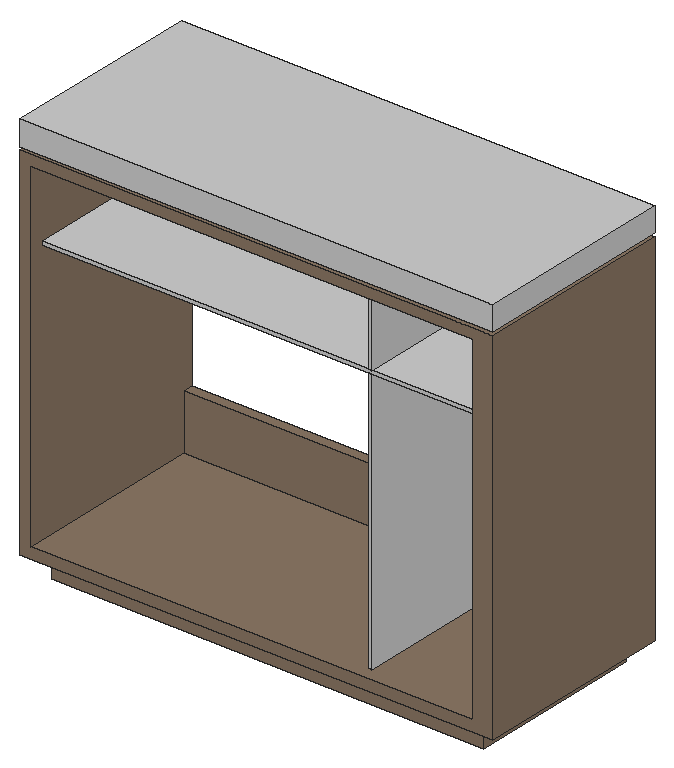
Revit family
Parameters
  URL = "http://www.martinbrattrud.com"
  Table Top [instance] = none
  SCS Certified Product = "Yes"
  Model = "Links 293-34H"
  Manufacturer = "Martin Brattrud, Inc."
  Leg [instance] = none
  Keynote = "125000"
  Foot [instance] = none
  Copyright = "© 2013 Martin Brattrud, Inc."
  Chair [instance] = none
  Authoring Version = "Revit Architecture 2010"
  Assembly Code = "E2020200"
Reference planes (in)
  plane 1 "Center Front/Back": y = 0
  plane 2: z = 0
  plane 3 "Center Left/Right": x = 0
  plane 4: z = 27.50852
  plane 5: z = 0
  plane 6: z = 1.5
  plane 7: x = -17
  plane 8: x = 17
  plane 9: x = -7.25
  plane 10: x = -6.25
  plane 11: x = 6.25
  plane 12: x = -15.5
  plane 13: x = 17
  plane 14: x = 15.5
  plane 15: x = -14.62
  plane 16: x = 14.62
  plane 17: z = 26.75852
  plane 18: z = 2.25
  plane 19: x = -16.25
  plane 20: x = 16.25
  plane 21: y = 7.25
  plane 22: y = 6.5
  plane 23: z = 6.25
  plane 24: z = 21.25
  plane 25: x = -15.5
  plane 26: z = 21.50852
  plane 27: y = -7.25
  plane 28: z = 29.5
Forms (in)
  Extrusion 1, solid
    sketch origin (-6.75002, 21.86807, 0) x (0, -1, 0) y (1, 0, 0)
      loop
        line (15.36807, 22.25002) -> (15.36807, -8.74998) -> (28.11807, -8.74998) -> (28.11807, 22.25002) -> (15.36807, 22.25002)
    from 0 to 1.5
  Extrusion 2, void
    sketch origin (35.75, -30.5, -0.5) x (0, -1, 0) y (0, 0, 1)
      loop
        line (-23.25, 27.25852) -> (-36.75, 27.25852) -> (-36.75, 2.75) -> (-23.25, 2.75) -> (-23.25, 27.25852)
    from 20.25 to 52
  Extrusion 3, solid
    sketch origin (0, 0, -0.25) x (0, 1, 0) y (0, 0, -1)
      loop
        line (-7.25, -1.75) -> (-7.25, -27.75852) -> (7.25, -27.75852) -> (7.25, -1.75) -> (-7.25, -1.75)
    from -17 to 17
  Extrusion 4, void
    sketch origin (35.75, -30.5, -4.5) x (0, -1, 0) y (0, 0, 1)
      loop
        line (-28.16438, 25.75) -> (-38.75, 25.75) -> (-38.75, 6.75) -> (-28.16438, 6.75) -> (-28.16438, 25.75)
    from 20.25 to 52
  Extrusion 5, solid
    sketch origin (-6.75002, 21.86807, 27.50852) x (0, -1, 0) y (1, 0, 0)
      loop
        line (15.36807, 23.00002) -> (15.36807, -9.49998) -> (28.11807, -9.49998) -> (28.11807, 23.00002) -> (15.36807, 23.00002)
    from 0 to 0.24148
  Extrusion 6, solid
    sketch origin (-6.75002, 21.86807, 29.25852) x (0, -1, 0) y (1, 0, 0)
      loop
        line (14.61807, 23.75002) -> (14.61807, -10.24998) -> (29.11807, -10.24998) -> (29.11807, 23.75002) -> (14.61807, 23.75002)
    from -1.50852 to 0.24148
  Extrusion 7, solid
    sketch origin (-6.75002, 21.86807, 22.75852) x (0, -1, 0) y (1, 0, 0)
      loop
        line (15.36807, 22.25002) -> (15.36807, -9.49998) -> (28.11807, -9.49998) -> (28.11807, 22.25002) -> (15.36807, 22.25002)
    from -1.50852 to -1.25
  Extrusion 8, solid
    sketch origin (5.99148, 21.86807, -1.7415) x (0, -1, 0) y (0, 0, 1)
      loop
        line (15.36807, 22.9915) -> (15.36807, 3.9915) -> (28.11807, 3.9915) -> (28.11807, 22.9915) -> (15.36807, 22.9915)
    from -1.50852 to -1.25
  Extrusion 9, solid
    sketch origin (5.99148, 21.86807, 17.51702) x (0, -1, 0) y (0, 0, 1)
      loop
        line (15.36807, 9.2415) -> (15.36807, 3.9915) -> (28.11807, 3.9915) -> (28.11807, 9.2415) -> (15.36807, 9.2415)
    from -1.50852 to -1.25
  Extrusion 10, solid
    sketch origin (0, 0, 0) x (1, 0, 0) y (0, 0, 1)
      loop
        line (-16.25, 2.25) -> (15.5, 2.25) -> (15.5, 6.25) -> (-16.25, 6.25) -> (-16.25, 2.25)
    from -7.25 to -6.5
Cuts and joins
  Extrusion 2, Extrusion 4 cuts Extrusion 3
  joined: Extrusion 3, Extrusion 10
